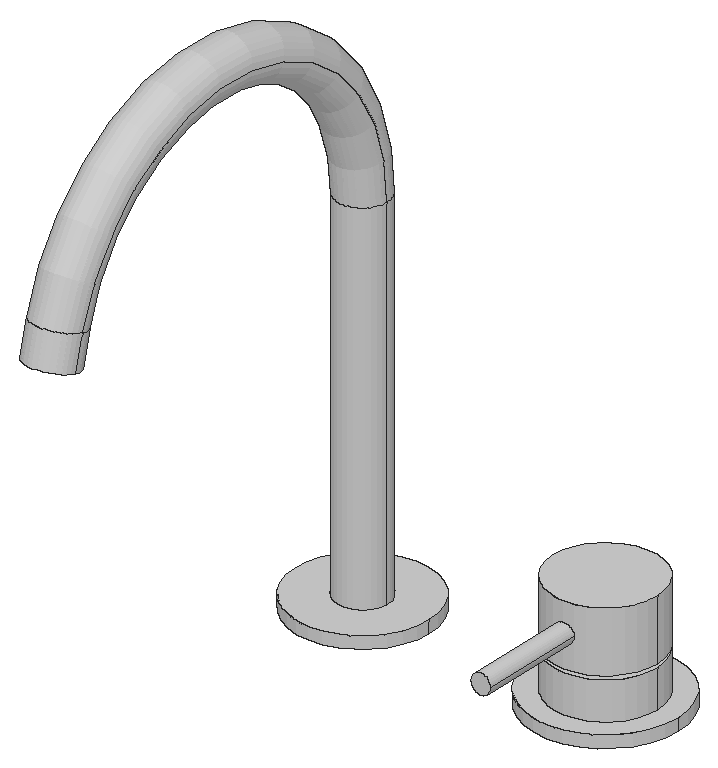
Revit family "Liano II Hob Mixer Set 160mm", category Specialty Equipment, host Face, Revit 2019
Family settings
  Host = Face
  Round Connector Dimension = Use Radius
  Part Type = Normal
  OmniClass Number = 23.45.55.17
  OmniClass Title = Mixing Faucets
  Cut with Voids When Loaded = No
  Shared = No
  Room Calculation Point = No
Parameters (values of type "Liano II Hob Mixer Set 160mm – Chrome")
  URL = "https://www.caroma.com.au/"
  Model = "96404C65A"
  Material_Base = GWA_Metal-Chrome
  Manufacturer = "GWA Bathrooms & Kitchens"  # constant formula
  Keynote = ""
  Description = "Liano II Hob Mixer Set 160mm – Chrome"
  Default Elevation = 1000.00 mm
  CreatedBy_ANZRS = "GWA Bathrooms & Kitchens"  # constant formula
  Assembly Code = "C1030220"
Types (6, lengths in mm): name | Model | Material_Base | Description
  (no name) | "96404C65A" | GWA_Metal-Chrome | "Liano II Hob Mixer Set 160mm – Chrome"
  Liano II Hob Mixer Set 160mm – Chrome | "96404C65A" | GWA_Metal-Chrome | "Liano II Hob Mixer Set 160mm – Chrome"
  Liano II Hob Mixer Set 160mm – Matte Black | "96404B65A" | GWA-Metal-Black | "Liano II Hob Mixer Set 160mm – Matte Black"
  Liano II Hob Mixer Set 160mm – Brushed Brass | "96404BB65A" | GWA_Metal-Brushed-Brass | "Liano II Hob Mixer Set 160mm – Brushed Brass"
  Liano II Hob Mixer Set 160mm – Gunmetal | "96404GM65A" | GWA-Metal-Gunmetal Grey | "Liano II Hob Mixer Set 160mm – Gunmetal"
  Liano II Hob Mixer Set 160mm – Brushed Nickel | "96404BN65A" | GWA_Metal-Brushed-Nickel | "Liano II Hob Mixer Set 160mm – Brushed Nickel"
Reference planes
  plane 1 "Center (Front/Back)": y = 0
  plane 2: z = 0
  plane 3 "Center (Left/Right)": x = 0
  plane 4 "Mixer": x = 50
  plane 5 "Outlet": x = -50
Forms (mm)
  Extrusion 1, solid, material "GWA_Metal-Chrome" <- "Material_Base"
    sketch origin (0, 0, 0) x (1, 0, 0) y (0, 1, 0)
      loop
        circle (50, 0) r 30
    from 0 to 5
  Extrusion 2, solid, material "GWA_Metal-Chrome" <- "Material_Base"
    sketch origin (0, 0, 0) x (1, 0, 0) y (0, 1, 0)
      loop
        circle (50, 0) r 21.5
    from 5 to 20.5
  Extrusion 3, solid, material "GWA_Metal-Chrome" <- "Material_Base"
    sketch origin (0, 0, 0) x (1, 0, 0) y (0, 1, 0)
      loop
        circle (50, 0) r 21.5
    from 22 to 47
  Extrusion 4, solid, material "GWA_Metal-Chrome" <- "Material_Base"
    sketch origin (0, 0, -12) x (1, 0, 0) y (0, 0, 1)
      loop
        circle (50, 47) r 4
    from 0 to 64
  Revolve 5, solid, material "GWA_Metal-Chrome" <- "Material_Base"
    sketch origin (50, 0, 0) x (0, 0, -1) y (0, -1, 0)
      loop
        line (-20.5, -17.321) -> (-20.5, 0) -> (-26.5, 0)
        arc (-26.5, 0) -> (-24.958, -9.165) -> (-20.5, -17.321) r 28
      axis (-26.5, 0) -> (-20.5, 0)
    angle from 0 to 360
  Extrusion 6, solid, material "GWA_Metal-Chrome" <- "Material_Base"
    sketch origin (-50, 0, 0) x (1, 0, 0) y (0, 1, 0)
      loop
        circle (0, 0) r 27.5
      loop
        circle (0, 0) r 10.5
    from 0 to 5
  Sweep 7, solid, material "GWA_Metal-Chrome" <- "Material_Base"
    path origin (-50, 0, 0) x (0, 1, 0) y (0, 0, 1)
      loop
        line (0, 0) -> (0, 153)
        arc (0, 153) -> (-69.158, 231.86) -> (-156.37, 173.586) r 79.54
        line (-156.37, 173.586) -> (-159.993, 160.064)
    profile origin (-50, 0, 76.5) x (0, -1, 0) y (1, 0, 0)
      loop
        circle (0, 0) r 10.25
  Extrusion 8, void
    sketch origin (-50, 29.267, 109.224) x (0, -0.965926, 0.258819) y (1, 0, 0)
      loop
        circle (195.943, 0) r 9.25
    from -1 to 1
Cuts and joins
  joined: Extrusion 3, Extrusion 4
  Extrusion 8 cuts Sweep 7
Lines and regions (mm)
  Masking region 1
    outline origin (0, 0, 0) x (1, 0, 0) y (0, 1, 0)
      loop
        arc (-39.75, -25.518) -> (-50, 27.5) -> (-60.25, -25.518) r 27.5
        line (-60.25, -25.518) -> (-60.25, -159.993)
        spline (-60.25, -159.993) -> (-59.901, -162.556) -> (-58.877, -164.944) -> (-57.248, -166.994) -> (-55.125, -168.567) -> (-52.653, -169.557) -> (-50, -169.894) -> (-47.347, -169.557) -> (-44.875, -168.567) -> (-42.752, -166.994) -> (-41.123, -164.944) -> (-40.099, -162.556) -> (-39.75, -159.993)
        line (-39.75, -159.993) -> (-39.75, -25.518)
      loop
        line (46, -29.732) -> (46, -64) -> (54, -64) -> (54, -29.732)
        arc (54, -29.732) -> (50, 30) -> (46, -29.732) r 30
  Masking region 2
    outline origin (0, 0, 0) x (1, 0, 0) y (0, 0, 1)
      loop
        line (71.5, 47) -> (28.5, 47) -> (28.5, 22) -> (34.777, 22)
        arc (34.777, 22) -> (33.711, 21.274) -> (32.679, 20.5) r 28
        line (32.679, 20.5) -> (28.5, 20.5) -> (28.5, 5) -> (20, 5) -> (20, 0) -> (80, 0) -> (80, 5) -> (71.5, 5) -> (71.5, 20.5) -> (67.321, 20.5)
        arc (67.321, 20.5) -> (66.289, 21.274) -> (65.223, 22) r 28
        line (65.223, 22) -> (71.5, 22) -> (71.5, 47)
      loop
        line (-22.5, 0) -> (-22.5, 5) -> (-39.75, 5) -> (-39.75, 232.537)
        arc (-39.75, 232.537) -> (-50, 242.787) -> (-60.25, 232.537) r 10.25
        line (-60.25, 232.537) -> (-60.25, 5) -> (-77.5, 5) -> (-77.5, 0) -> (-22.5, 0)
  Masking region 3
    outline origin (0, 0, 0) x (0, 1, 0) y (0, 0, 1)
      loop
        line (-10.25, 47) -> (-21.5, 47) -> (-21.5, 39) -> (-64, 39) -> (-64, 31) -> (-21.5, 31) -> (-21.5, 22) -> (-15.223, 22)
        arc (-15.223, 22) -> (-16.289, 21.274) -> (-17.321, 20.5) r 28
        line (-17.321, 20.5) -> (-21.5, 20.5) -> (-21.5, 5) -> (-30, 5) -> (-30, 0) -> (30, 0) -> (30, 5) -> (21.5, 5) -> (21.5, 20.5) -> (17.321, 20.5)
        arc (17.321, 20.5) -> (16.289, 21.274) -> (15.223, 22) r 28
        line (15.223, 22) -> (21.5, 22) -> (21.5, 47) -> (10.25, 47) -> (10.25, 153)
        arc (10.25, 153) -> (-67.82, 242.022) -> (-166.27, 176.239) r 89.79
        line (-166.27, 176.239) -> (-169.894, 162.716) -> (-150.092, 157.411) -> (-146.469, 170.934)
        arc (-146.469, 170.934) -> (-70.496, 221.697) -> (-10.25, 153) r 69.29
        line (-10.25, 153) -> (-10.25, 47)
  symbolic lines
    curve 1: spline (-39.75, -159.993, 0) -> (-40.099, -162.556, 0) -> (-41.123, -164.944, 0) -> (-42.752, -166.994, 0) -> (-44.875, -168.567, 0) -> (-47.347, -169.557, 0) -> (-50, -169.894, 0) -> (-52.653, -169.557, 0) -> (-55.125, -168.567, 0) -> (-57.248, -166.994, 0) -> (-58.877, -164.944, 0) -> (-59.901, -162.556, 0) -> (-60.25, -159.993, 0)
    curve 2: arc (-39.75, -25.518, 0) -> (-50, 27.5, 0) -> (-60.25, -25.518, 0) r 27.5
    curve 3: arc (54, -29.732, 0) -> (50, 30, 0) -> (46, -29.732, 0) r 30
    curve 4: line (46, -64, 0) -> (54, -64, 0)
    curve 5: arc (-39.75, -2.278, 0) -> (-50, 10.5, 0) -> (-60.25, -2.278, 0) r 10.5
    curve 6: arc (-39.75, 0, 0) -> (-50, 10.25, 0) -> (-60.25, 0, 0) r 10.25
    curve 7: line (-60.25, -159.993, 0) -> (-60.25, 0, 0)
    curve 8: line (-39.75, -159.993, 0) -> (-39.75, 0, 0)
    curve 9: line (46, -64, 0) -> (46, -21.125, 0)
    curve 10: line (54, -64, 0) -> (54, -21.125, 0)
    curve 11: circle (50, 0, 0) r 21.5 normal (0, 0, 1)
    curve 12: line (80, 0, 5) -> (20, 0, 5)
    curve 13: line (71.5, 0, 20.5) -> (28.5, 0, 20.5)
    curve 14: line (28.5, 0, 22) -> (71.5, 0, 22)
    curve 15: line (71.5, 0, 47) -> (28.5, 0, 47)
    curve 16: circle (50, 0, 35) r 4 normal (0, -1, 0)
    curve 17: line (-22.5, 0, 5) -> (-77.5, 0, 5)
    curve 18: spline (-60.25, 0, 160.064) -> (-59.901, 0, 159.377) -> (-58.877, 0, 158.737) -> (-57.248, 0, 158.188) -> (-55.125, 0, 157.766) -> (-52.653, 0, 157.501) -> (-50, 0, 157.411) -> (-47.347, 0, 157.501) -> (-44.875, 0, 157.766) -> (-42.752, 0, 158.188) -> (-41.123, 0, 158.737) -> (-40.099, 0, 159.377) -> (-39.75, 0, 160.064)
    curve 19: spline (-50, 0, 162.451) -> (-47.606, 0, 162.369) -> (-45.375, 0, 162.13) -> (-43.459, 0, 161.75) -> (-41.989, 0, 161.254) -> (-41.065, 0, 160.676) -> (-40.75, 0, 160.057) -> (-41.065, 0, 159.437) -> (-41.989, 0, 158.86) -> (-43.459, 0, 158.364) -> (-45.375, 0, 157.983) -> (-47.606, 0, 157.744) -> (-50, 0, 157.663)
    curve 20: spline (-39.75, 0, 160.064) -> (-40.099, 0, 160.75) -> (-41.123, 0, 161.39) -> (-42.752, 0, 161.939) -> (-44.875, 0, 162.361) -> (-47.347, 0, 162.626) -> (-50, 0, 162.716) -> (-52.653, 0, 162.626) -> (-55.125, 0, 162.361) -> (-57.248, 0, 161.939) -> (-58.877, 0, 161.39) -> (-59.901, 0, 160.75) -> (-60.25, 0, 160.064)
    curve 21: spline (-50, 0, 157.663) -> (-52.394, 0, 157.744) -> (-54.625, 0, 157.983) -> (-56.541, 0, 158.364) -> (-58.011, 0, 158.86) -> (-58.935, 0, 159.437) -> (-59.25, 0, 160.057) -> (-58.935, 0, 160.676) -> (-58.011, 0, 161.254) -> (-56.541, 0, 161.75) -> (-54.625, 0, 162.13) -> (-52.394, 0, 162.369) -> (-50, 0, 162.451)
    curve 22: arc (-39.75, 0, 232.537) -> (-50, 0, 242.787) -> (-60.25, 0, 232.537) r 10.25
    curve 23: line (-39.75, 0, 232.537) -> (-39.75, 0, 5)
    curve 24: line (-60.25, 0, 232.537) -> (-60.25, 0, 5)
    curve 25: line (71.5, 0, 47) -> (71.5, 0, 22)
    curve 26: line (28.5, 0, 47) -> (28.5, 0, 22)
    curve 27: line (28.5, 0, 20.5) -> (28.5, 0, 5)
    curve 28: line (71.5, 0, 20.5) -> (71.5, 0, 5)
    curve 29: line (80, 0, 5) -> (80, 0, 0)
    curve 30: line (80, 0, 0) -> (20, 0, 0)
    curve 31: line (20, 0, 0) -> (20, 0, 5)
    curve 32: line (-22.5, 0, 5) -> (-22.5, 0, 0)
    curve 33: line (-22.5, 0, 0) -> (-77.5, 0, 0)
    curve 34: line (-77.5, 0, 0) -> (-77.5, 0, 5)
    curve 35: arc (34.777, 0, 22) -> (33.711, 0, 21.274) -> (32.679, 0, 20.5) r 28
    curve 36: arc (67.321, 0, 20.5) -> (66.289, 0, 21.274) -> (65.223, 0, 22) r 28
    curve 37: arc (0, -10.25, 153) -> (0, -70.496, 221.697) -> (0, -146.469, 170.934) r 69.29
    curve 38: arc (0, 10.25, 153) -> (0, -67.82, 242.022) -> (0, -166.27, 176.239) r 89.79
    curve 39: line (0, -169.894, 162.716) -> (0, -150.092, 157.411)
    curve 40: line (0, -166.27, 176.239) -> (0, -169.894, 162.716)
    curve 41: line (0, -146.469, 170.934) -> (0, -150.092, 157.411)
    curve 42: line (0, -10.25, 47) -> (0, -10.25, 153)
    curve 43: line (0, 10.25, 47) -> (0, 10.25, 153)
    curve 44: line (0, 21.5, 47) -> (0, -21.5, 47)
    curve 45: line (0, -21.5, 22) -> (0, 21.5, 22)
    curve 46: line (0, 21.5, 20.5) -> (0, -21.5, 20.5)
    curve 47: line (0, 30, 5) -> (0, -30, 5)
    curve 48: line (0, -64, 39) -> (0, -64, 31)
    curve 49: line (0, -64, 39) -> (0, -21.5, 39)
    curve 50: line (0, -64, 31) -> (0, -21.5, 31)
    curve 51: arc (0, -21.5, 31) -> (0, -21.125, 35) -> (0, -21.5, 39) r 21.5
    curve 52: line (0, -21.5, 47) -> (0, -21.5, 39)
    curve 53: line (0, -21.5, 31) -> (0, -21.5, 22)
    curve 54: line (0, 21.5, 22) -> (0, 21.5, 47)
    curve 55: line (0, 21.5, 20.5) -> (0, 21.5, 5)
    curve 56: line (0, 30, 5) -> (0, 30, 0)
    curve 57: line (0, 30, 0) -> (0, -30, 0)
    curve 58: line (0, -30, 0) -> (0, -30, 5)
    curve 59: line (0, -21.5, 20.5) -> (0, -21.5, 5)
    curve 60: arc (0, -15.223, 22) -> (0, -16.289, 21.274) -> (0, -17.321, 20.5) r 28
    curve 61: arc (0, 17.321, 20.5) -> (0, 16.289, 21.274) -> (0, 15.223, 22) r 28
Dimensions and locks
  aligned and locked: plane 2 to host face
  aligned and locked: level to host face
Connectors
  piping at (40, 0, 0), diameter 20
    settings: index 1, connector inside diameter 609.6 mm, connector length 0.00 mm, flow factor 0, pipe flow 0.0 L/s, pressure drop 0.0 Pa, fitting loss kfactor 0, connector angle 0.00°, fixture units 0, engagement length 0.00 mm, angle of deflection 0.00°, flow configuration 3, flow direction 1, fitting loss method 0, system type 19, joint type 0, gender type 0, connector reference index -1, connector utility 0, adjustable connector no, is connector primary yes, connector description ""
  piping at (60, 0, 0), diameter 20
    settings: index 2, connector inside diameter 609.6 mm, connector length 0.00 mm, flow factor 0, pipe flow 0.0 L/s, pressure drop 0.0 Pa, fitting loss kfactor 0, connector angle 0.00°, fixture units 0, engagement length 0.00 mm, angle of deflection 0.00°, flow configuration 3, flow direction 1, fitting loss method 0, system type 20, joint type 0, gender type 0, connector reference index -1, connector utility 0, adjustable connector no, is connector primary no, connector description ""
